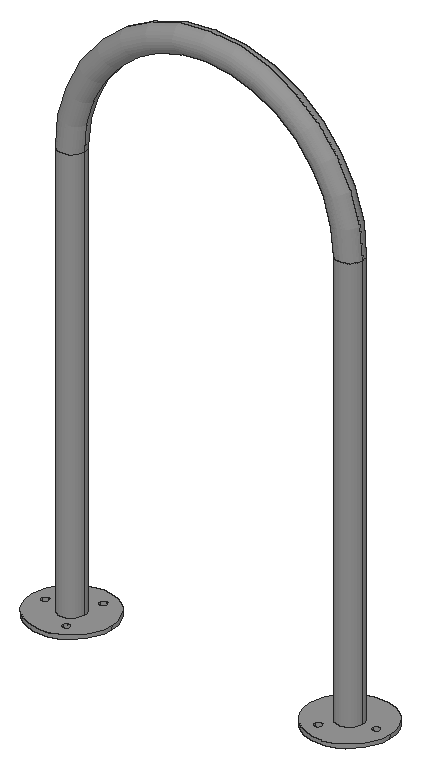
Revit family "7269 Велопарковка «Комби-2» Хоббика", category Антураж, Revit 2018
Family settings
  На основе рабочей плоскости = Нет
  Всегда вертикально = Да
  При загрузке вырезать с полостями = Нет
  Источник визуального образа = Геометрия семейства
  Общий = Нет
  Точка расчета площади = Нет
Parameters (values of type "Велопарковка «Комби-2»")
  Ширина = 110 mm  # constant formula
  Цвет каркаса = Сталь
  Описание = "Велопарковка «Комби-2»"  # constant formula
  Материал изделия = "Сталь"  # constant formula
  Изображение типоразмера = Велопарковка «Комби-2» Арт 7269.jpg
  Изготовитель = "ООО «Хоббика»"  # constant formula
  Длина = 490 mm  # constant formula
  Группа модели = "Велопарковки"  # constant formula
  Высота = 780 mm  # constant formula
  Артикул товара = "Арт. 7269"  # constant formula
  URL = "https://hobbyka.ru/product/veloparkovka_kombi2_dvukhmestnaya_/"
Reference planes
  plane 1 "По центру (Вперед/Назад)": y = 0
  plane 2: z = 0
  plane 3 "По центру (Влево/Вправо)": x = 0
  plane 4: x = 490
  plane 5: y = 110
  plane 6: z = 780
Forms (mm)
  Extrusion 1, solid, material "Сталь" <- "Цвет каркаса"
    sketch origin (0, 0, 0) x (1, 0, 0) y (0, 1, 0)
      loop
        circle (55, 55) r 55
      loop
        circle (435, 55) r 55
      loop
        circle (18.75, 55) r 5
      loop
        circle (73.125, 86.393) r 5
      loop
        circle (73.125, 23.607) r 5
      loop
        circle (471.25, 55) r 5
      loop
        circle (416.875, 86.393) r 5
      loop
        circle (416.875, 23.607) r 5
    from 0 to 5
  Sweep 2, solid, material "Сталь" <- "Цвет каркаса"
    path origin (0, 0, 0) x (1, 0, 0) y (0, 0, 1)
      loop
        line (55, 5) -> (55, 572.5)
        arc (55, 572.5) -> (245, 762.5) -> (435, 572.5) r 190
        line (435, 572.5) -> (435, 5)
    profile origin (55, 0, 288.75) x (-1, 0, 0) y (0, -1, 0)
      loop
        circle (0, -55) r 17.5
Dimensions and locks
  "Ширина": plane 5 to plane 1 "По центру (Вперед/Назад)"
  "Длина": plane 3 "По центру (Влево/Вправо)" to plane 4
  "Высота": plane 6 to plane 2
  aligned and locked: level to plane 2
Automatic sketch dimensions
  Sweep 2 sketch curve to plane 6 = 207.5 mm
  level to Sweep 2 sketch curve = 5 mm  (x2)
  plane 3 "По центру (Влево/Вправо)" to Sweep 2 sketch curve = 55 mm
  Sweep 2 sketch curve to plane 4 = 55 mm
  Sweep 2 sketch curve to profile plane = 0 mm
  Sweep 2 sketch curve to plane 1 "По центру (Вперед/Назад)" = 55 mm
  plane 3 "По центру (Влево/Вправо)" to Extrusion 1 sketch curve = 18.75 mm
  Extrusion 1 sketch curve to Extrusion 1 sketch curve = 36.25 mm
  Extrusion 1 sketch curve to Extrusion 1 sketch curve = 18.125 mm  (x3)
  Extrusion 1 sketch curve to plane 5 = 23.607 mm  (x2)
  Extrusion 1 sketch curve to plane 4 = 73.125 mm
  Extrusion 1 sketch curve to plane 1 "По центру (Вперед/Назад)" = 23.607 mm  (x2)
  Extrusion 1 sketch curve to Extrusion 1 sketch curve = 0 mm  (x2)
  Extrusion 1 sketch curve to plane 4 = 18.75 mm
  Extrusion 1 sketch curve to plane 1 "По центру (Вперед/Назад)" = 55 mm  (x2)
  Extrusion 1 sketch curve to Extrusion 1 sketch curve = 31.393 mm
  radius of Sweep 2 sketch curve = 17.5 mm
  radius of Extrusion 1 sketch curve = 55 mm  (x2)
  radius of Extrusion 1 sketch curve = 5 mm  (x6)
